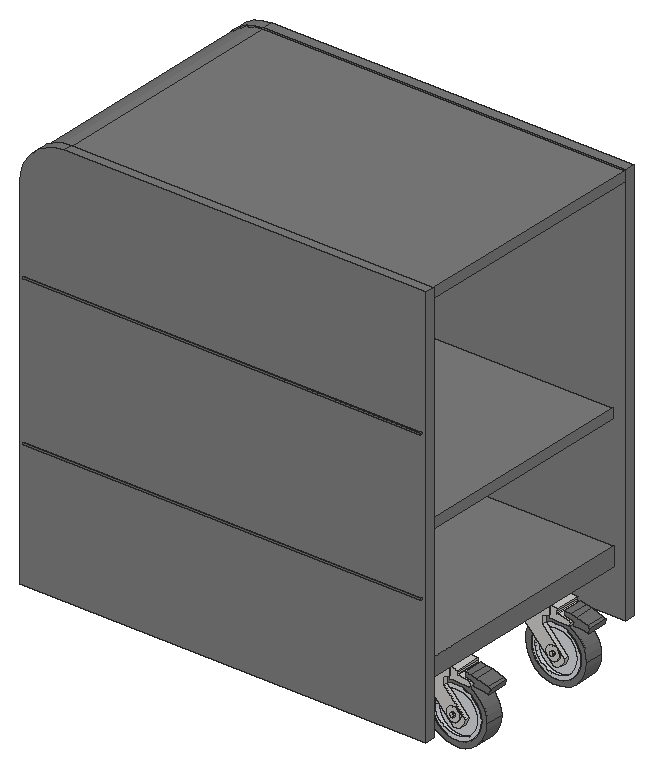
Revit family "QF_BOURGEAT_Meubles_serviteurs", category Equipement spécialisé, Revit 2015
Parameters (values of type "Neutre")
  assiettes neutre = no
  assiettes chauffant = no
  URL catalogue = "http://www.bourgeat.fr"
  Type de Raccord Electrique = ""
  Type article = ""
  Tension = 0 V
  Spécification du Fabricant = "Meuble serviteur"
  Remarques Electricité = ""
  Puissance électrique  = 0 W
  Profondeur hors tout = 830 mm
  Pour plateaux = yes
  Pour couverts = no
  Poids net à vide = 29.00 kg
  Phase = 0
  Neutre = yes
  Longueur hors tout = 540 mm
  Intensité nominale = 0 A
  Inox = Acier inoxydable, poli
  URL = ""
  Poids à vide = "29 kg"
  Modèle = "859505"
  Indice de protection = ""
  Hauteur hors tout = 900 mm
  Habillage arrière = no
  Fréquence = 0 Hz
  Finition noir = Peinture Grise
  Fabricant = "BOURGEAT"
  Description = ""
  Contact SAV = "0033(4).76.32.14.44"
  Type Comments = ""
  Charge max = 70.00 kg
  Capacité = "2 étagères"
Types (5, lengths in mm): name | assiettes neutre | assiettes chauffant | Tension | Puissance électrique  | Pour plateaux | Pour couverts | Poids net à vide | Phase | Neutre | Intensité nominale | Poids à vide | Modèle | Indice de protection | Habillage arrière | Fréquence | Capacité
  Pour assiettes Neutre | yes | no | 0 V | 0 W | yes | no | 42.00 kg | 0 | no | 0 A | "42 kg" | "859520" | "" | yes | 0 Hz | "60 assiettes"
  Pour assiettes Chauffant | yes | yes | 230 V | 900 W | yes | no | 44.00 kg | 2 | no | 4 A | "44 kg" | "859525" | "21" | yes | 50 Hz | "60 assiettes"
  Pour plateaux | no | no | 0 V | 0 W | yes | no | 23.00 kg | 0 | no | 0 A | "23 kg" | "859510" | "" | yes | 0 Hz | "160 plateaux"
  Pour couverts | no | no | 0 V | 0 W | no | yes | 32.00 kg | 0 | no | 0 A | "32 kg" | "859513" | "" | yes | 0 Hz | "160 plateaux"
  Neutre | no | no | 0 V | 0 W | yes | no | 29.00 kg | 0 | yes | 0 A | "29 kg" | "859505" | "" | no | 0 Hz | "2 étagères"
Reference planes
  plane 1 "Centre (avant/arrière)": y = 0
  plane 2: z = 0
  plane 3 "Centre (gauche/droite)": x = 0
  plane 4: x = -263
  plane 5: x = 425
  plane 6: x = -405
  plane 7: x = -177
  plane 8: x = -45
  plane 9: x = 125
Forms (mm)
  Extrusion 1, solid, material "Peinture Grise" <- "Finition noir"
    sketch origin (-134.51, 329.35, 899.5) x (0, -1, 0) y (1, 0, 0)
      loop
        line (84.6, -248.49) -> (574.1, -248.49) -> (574.1, 535.51) -> (84.6, 535.51) -> (84.6, -248.49)
    from -700.742 to -738.742
  Extrusion 2, solid, material "Peinture Grise" <- "Finition noir"
    sketch origin (-659.024, -418.06, 0) x (1, 0, 0) y (0, 0, 1)
      loop
        line (254.024, 805.258) -> (254.024, 70.258) -> (1084.024, 70.258) -> (1084.024, 895.258) -> (344.024, 895.258)
        arc (344.024, 895.258) -> (280.385, 868.898) -> (254.024, 805.258) r 90
    from -153.06 to -173.06
  Extrusion 3, solid, material "Peinture Grise" <- "Finition noir", visible <- "assiettes neutre"
    sketch origin (-659.024, -418.06, 0) x (1, 0, 0) y (0, 0, 1)
      loop
        line (256.024, 70.258) -> (276.024, 70.258) -> (276.024, 803.258)
        arc (276.024, 803.258) -> (296.527, 852.756) -> (346.024, 873.258) r 70
        line (346.024, 873.258) -> (1082.024, 873.258) -> (1082.024, 893.258) -> (344.024, 893.258)
        arc (344.024, 893.258) -> (281.799, 867.483) -> (256.024, 805.258) r 88
        line (256.024, 805.258) -> (256.024, 70.258)
    from -173.06 to -663.06
  Extrusion 4, solid, material "Peinture Grise" <- "Finition noir"
    sketch origin (-659.024, 418.06, 0) x (1, 0, 0) y (0, 0, -1)
      loop
        arc (254.024, -805.258) -> (280.385, -868.898) -> (344.024, -895.258) r 90
        line (344.024, -895.258) -> (1084.024, -895.258) -> (1084.024, -70.258) -> (254.024, -70.258) -> (254.024, -805.258)
    from -153.06 to -173.06
  Extrusion 5, solid, material "Peinture Grise" <- "Finition noir", visible <- "Habillage arrière"
    sketch origin (-659.024, -418.06, 0) x (1, 0, 0) y (0, 0, 1)
      loop
        line (1062.024, 873.258) -> (1062.024, 158.758) -> (1082.024, 158.758) -> (1082.024, 873.258) -> (1062.024, 873.258)
    from -173.06 to -663.06
  Extrusion 6, void
    sketch origin (-134.51, 329.35, 899.5) x (0, -1, 0) y (1, 0, 0)
      loop
        line (132.35, 300.17) -> (132.35, -32.49)
        arc (132.35, -32.49) -> (141.137, -53.703) -> (162.35, -62.49) r 30
        line (162.35, -62.49) -> (496.35, -62.49)
        arc (496.35, -62.49) -> (517.563, -53.703) -> (526.35, -32.49) r 30
        line (526.35, -32.49) -> (526.35, 300.17)
        arc (526.35, 300.17) -> (517.563, 321.383) -> (496.35, 330.17) r 30
        line (496.35, 330.17) -> (162.35, 330.17)
        arc (162.35, 330.17) -> (141.137, 321.383) -> (132.35, 300.17) r 30
    from -4.242 to -26.242
  Extrusion 7, solid, material "Caoutchouc, noir"
    sketch origin (-659.024, -265, 0) x (1, 0, 0) y (0, 0, 1)
      loop
        arc (264.024, 332.758) -> (262.374, 331.108) -> (264.024, 329.458) r 1.65
        line (264.024, 329.458) -> (1074.024, 329.458)
        arc (1074.024, 329.458) -> (1075.674, 331.108) -> (1074.024, 332.758) r 1.65
        line (1074.024, 332.758) -> (264.024, 332.758)
    from 0 to 2.5
  Extrusion 8, solid, material "Caoutchouc, noir"
    sketch origin (-659.024, -265, 303.3) x (1, 0, 0) y (0, 0, 1)
      loop
        arc (264.024, 332.758) -> (262.374, 331.108) -> (264.024, 329.458) r 1.65
        line (264.024, 329.458) -> (1074.024, 329.458)
        arc (1074.024, 329.458) -> (1075.674, 331.108) -> (1074.024, 332.758) r 1.65
        line (1074.024, 332.758) -> (264.024, 332.758)
    from 0 to 2.5
  Extrusion 9, solid, material "Caoutchouc, noir"
    sketch origin (-659.024, 265, 0) x (1, 0, 0) y (0, 0, -1)
      loop
        line (264.024, -332.758) -> (1074.024, -332.758)
        arc (1074.024, -332.758) -> (1075.674, -331.108) -> (1074.024, -329.458) r 1.65
        line (1074.024, -329.458) -> (264.024, -329.458)
        arc (264.024, -329.458) -> (262.374, -331.108) -> (264.024, -332.758) r 1.65
    from 0 to 2.5
  Extrusion 10, solid, material "Caoutchouc, noir"
    sketch origin (-659.024, 265, 303.3) x (1, 0, 0) y (0, 0, -1)
      loop
        line (264.024, -332.758) -> (1074.024, -332.758)
        arc (1074.024, -332.758) -> (1075.674, -331.108) -> (1074.024, -329.458) r 1.65
        line (1074.024, -329.458) -> (264.024, -329.458)
        arc (264.024, -329.458) -> (262.374, -331.108) -> (264.024, -332.758) r 1.65
    from 0 to 2.5
  Extrusion 11, solid, material "Acier inoxydable, poli" <- "Inox", visible <- "assiettes chauffant"
    sketch origin (425, -418.06, 893.258) x (-1, 0, 0) y (0, -1, 0)
      loop
        arc (619, -632.06) -> (633.142, -626.202) -> (639, -612.06) r 20
        line (639, -612.06) -> (639, -224.06)
        arc (639, -224.06) -> (633.142, -209.918) -> (619, -204.06) r 20
        line (619, -204.06) -> (231, -204.06)
        arc (231, -204.06) -> (216.858, -209.918) -> (211, -224.06) r 20
        line (211, -224.06) -> (211, -612.06)
        arc (211, -612.06) -> (216.858, -626.202) -> (231, -632.06) r 20
        line (231, -632.06) -> (619, -632.06)
    from 0 to 6
  Revolve 12, solid, material "Acier inoxydable, poli" <- "Inox", visible <- "assiettes chauffant"
    sketch origin (-659.024, 0, 0) x (1, 0, 0) y (0, 0, 1)
      loop
        line (482.024, 899.258) -> (659.024, 899.258) -> (659.024, 1093.758)
        arc (659.024, 1093.758) -> (649.638, 1087.209) -> (652.547, 1076.139) r 10
        arc (652.547, 1076.139) -> (531.597, 1022.104) -> (482.024, 899.258) r 177
      axis (659.024, 1093.758) -> (659.024, 899.258)
    angle from 0 to 360
  Extrusion 13, solid, material "Peinture Grise" <- "Finition noir", visible <- "Pour plateaux"
    sketch origin (-659.024, -418.06, 0) x (1, 0, 0) y (0, 0, 1)
      loop
        line (256.024, 450.258) -> (256.024, 430.258) -> (1057.024, 430.258) -> (1057.024, 450.258) -> (256.024, 450.258)
    from -173.06 to -663.06
  Extrusion 14, solid, material "Peinture Grise" <- "Finition noir", visible <- "Pour plateaux"
    sketch origin (-659.024, -418.06, 0) x (1, 0, 0) y (0, 0, 1)
      loop
        line (258.024, 430.258) -> (258.024, 72.258) -> (276.024, 72.258) -> (276.024, 430.258) -> (258.024, 430.258)
    from -173.06 to -663.06
  Extrusion 15, solid, material "Peinture Grise" <- "Finition noir", visible <- "Pour couverts"
    sketch origin (-659.024, -418.06, 0) x (1, 0, 0) y (0, 0, 1)
      loop
        line (256.024, 70.258) -> (276.024, 70.258) -> (276.024, 803.258)
        arc (276.024, 803.258) -> (296.527, 852.756) -> (346.024, 873.258) r 70
        line (346.024, 873.258) -> (1082.024, 873.258) -> (1082.024, 893.258) -> (344.024, 893.258)
        arc (344.024, 893.258) -> (281.799, 867.483) -> (256.024, 805.258) r 88
        line (256.024, 805.258) -> (256.024, 70.258)
    from -173.06 to -663.06
  Extrusion 16, void
    sketch origin (-134.51, 329.35, 899.5) x (0, -1, 0) y (1, 0, 0)
      loop
        line (176.85, 399.51) -> (176.85, -50.49)
        arc (176.85, -50.49) -> (185.637, -71.703) -> (206.85, -80.49) r 30
        line (206.85, -80.49) -> (451.85, -80.49)
        arc (451.85, -80.49) -> (473.063, -71.703) -> (481.85, -50.49) r 30
        line (481.85, -50.49) -> (481.85, 399.51)
        arc (481.85, 399.51) -> (473.063, 420.724) -> (451.85, 429.51) r 30
        line (451.85, 429.51) -> (206.85, 429.51)
        arc (206.85, 429.51) -> (185.637, 420.724) -> (176.85, 399.51) r 30
    from -6.242 to -26.242
  Extrusion 17, solid, material "Acier inoxydable, poli" <- "Inox", visible <- "Pour couverts"
    sketch origin (425, -418.06, 893.258) x (-1, 0, 0) y (0, -1, 0)
      loop
        arc (610, -570.56) -> (631.213, -561.774) -> (640, -540.56) r 30
        line (640, -540.56) -> (640, -295.56)
        arc (640, -295.56) -> (631.213, -274.347) -> (610, -265.56) r 30
        line (610, -265.56) -> (160, -265.56)
        arc (160, -265.56) -> (138.787, -274.347) -> (130, -295.56) r 30
        line (130, -295.56) -> (130, -540.56)
        arc (130, -540.56) -> (138.787, -561.774) -> (160, -570.56) r 30
        line (160, -570.56) -> (610, -570.56)
    from 0 to -200
  Extrusion 18, void
    sketch origin (425, -418.06, 893.258) x (-1, 0, 0) y (0, -1, 0)
      loop
        line (160, -560.56) -> (270, -560.56)
        arc (270, -560.56) -> (284.142, -554.702) -> (290, -540.56) r 20
        line (290, -540.56) -> (290, -295.56)
        arc (290, -295.56) -> (284.142, -281.418) -> (270, -275.56) r 20
        line (270, -275.56) -> (160, -275.56)
        arc (160, -275.56) -> (145.858, -281.418) -> (140, -295.56) r 20
        line (140, -295.56) -> (140, -540.56)
        arc (140, -540.56) -> (145.858, -554.702) -> (160, -560.56) r 20
      loop
        arc (610, -560.56) -> (624.142, -554.702) -> (630, -540.56) r 20
        line (630, -540.56) -> (630, -295.56)
        arc (630, -295.56) -> (624.142, -281.418) -> (610, -275.56) r 20
        line (610, -275.56) -> (500, -275.56)
        arc (500, -275.56) -> (485.858, -281.418) -> (480, -295.56) r 20
        line (480, -295.56) -> (480, -540.56)
        arc (480, -540.56) -> (485.858, -554.702) -> (500, -560.56) r 20
        line (500, -560.56) -> (610, -560.56)
      loop
        line (460, -540.56) -> (460, -295.56)
        arc (460, -295.56) -> (454.142, -281.418) -> (440, -275.56) r 20
        line (440, -275.56) -> (330, -275.56)
        arc (330, -275.56) -> (315.858, -281.418) -> (310, -295.56) r 20
        line (310, -295.56) -> (310, -540.56)
        arc (310, -540.56) -> (315.858, -554.702) -> (330, -560.56) r 20
        line (330, -560.56) -> (440, -560.56)
        arc (440, -560.56) -> (454.142, -554.702) -> (460, -540.56) r 20
    from 0 to -150
  Extrusion 19, solid, material "Peinture Grise" <- "Finition noir", visible <- "Neutre"
    sketch origin (-659.024, -418.06, 0) x (1, 0, 0) y (0, 0, 1)
      loop
        line (256.024, 70.258) -> (276.024, 70.258) -> (276.024, 803.258)
        arc (276.024, 803.258) -> (296.527, 852.756) -> (346.024, 873.258) r 70
        line (346.024, 873.258) -> (1082.024, 873.258) -> (1082.024, 893.258) -> (344.024, 893.258)
        arc (344.024, 893.258) -> (281.799, 867.483) -> (256.024, 805.258) r 88
        line (256.024, 805.258) -> (256.024, 70.258)
    from -173.06 to -663.06
Cuts and joins
  Extrusion 6 cuts Extrusion 3
  Extrusion 16 cuts Extrusion 15
  Extrusion 18 cuts Extrusion 17
Dimensions and locks
  equal spacing: Extrusion 17, plane 8, plane 9, Extrusion 17
  aligned and locked: level to plane 2
Automatic sketch dimensions
  Extrusion 1 sketch curve to plane 5 = 24 mm
  Extrusion 1 sketch curve to plane 1 "Centre (avant/arrière)" = 244.75 mm
  plane 6 to Extrusion 1 sketch curve = 22 mm
  plane 1 "Centre (avant/arrière)" to Extrusion 1 sketch curve = 244.75 mm
  Extrusion 2 sketch curve to plane 6 = 0 mm
  Extrusion 2 sketch curve to plane 5 = 0 mm
  plane 4 to Extrusion 2 sketch curve = 52 mm
  level to Extrusion 2 sketch curve = 70.258 mm
  Extrusion 2 sketch curve to Extrusion 2 sketch curve = 735 mm
  plane 6 to Extrusion 3 sketch curve = 2 mm
  Extrusion 3 sketch curve to Extrusion 3 sketch curve = 20 mm
  plane 4 to Extrusion 3 sketch curve = 52 mm
  Extrusion 3 sketch curve to Extrusion 3 sketch curve = 2 mm  (x2)
  Extrusion 3 sketch curve to plane 5 = 2 mm
  level to Extrusion 3 sketch curve = 70.258 mm
  Extrusion 3 sketch curve to Extrusion 3 sketch curve = 733 mm
  Extrusion 4 sketch curve to plane 6 = 0 mm
  Extrusion 4 sketch curve to plane 5 = 0 mm
  plane 4 to Extrusion 4 sketch curve = 52 mm
  level to Extrusion 4 sketch curve = 895.258 mm
  level to Extrusion 4 sketch curve = 70.258 mm
  Extrusion 5 sketch curve to plane 5 = 22 mm
  Extrusion 5 sketch curve to plane 5 = 2 mm
  level to Extrusion 5 sketch curve = 158.758 mm
  Extrusion 5 sketch curve to Extrusion 5 sketch curve = 714.5 mm
  Extrusion 6 sketch curve to plane 1 "Centre (avant/arrière)" = 197 mm
  Extrusion 6 sketch curve to plane 7 = 20 mm
  Extrusion 6 sketch curve to Extrusion 6 sketch curve = 30 mm  (x3)
  plane 1 "Centre (avant/arrière)" to Extrusion 6 sketch curve = 167 mm  (x2)
  plane 9 to Extrusion 6 sketch curve = 40.66 mm
  Extrusion 7 sketch curve to Extrusion 2 = 10 mm  (x2)
  Extrusion 7 sketch curve to Extrusion 2 = 259.2 mm
  Extrusion 7 sketch curve to Extrusion 7 sketch curve = 1.65 mm
  Extrusion 8 sketch curve to Extrusion 2 = 10 mm  (x2)
  Extrusion 8 sketch curve to Extrusion 2 = 262.5 mm
  Extrusion 8 sketch curve to Extrusion 8 sketch curve = 1.65 mm
  plane 6 to Extrusion 9 sketch curve = 10 mm
  Extrusion 9 sketch curve to plane 5 = 10 mm
  level to Extrusion 9 sketch curve = 332.758 mm
  Extrusion 9 sketch curve to Extrusion 9 sketch curve = 1.65 mm
  plane 6 to Extrusion 10 sketch curve = 10 mm
  Extrusion 10 sketch curve to plane 5 = 10 mm
  level to Extrusion 10 sketch curve = 636.058 mm
  Extrusion 10 sketch curve to Extrusion 10 sketch curve = 1.65 mm
  Extrusion 3 to Extrusion 11 sketch curve = 51 mm
  Extrusion 3 to Extrusion 11 sketch curve = 209 mm
  Extrusion 11 sketch curve to Extrusion 11 sketch curve = 20 mm  (x3)
  Extrusion 11 sketch curve to Extrusion 3 = 121 mm  (x2)
  Extrusion 3 to Extrusion 11 sketch curve = 31 mm
  Revolve 12 sketch curve to plane 7 = 0 mm
  Revolve 12 sketch curve to plane 3 "Centre (gauche/droite)" = 0 mm  (x3)
  level to Revolve 12 sketch curve = 899.258 mm
  Revolve 12 sketch curve to Revolve 12 sketch curve = 184.5 mm
  Revolve 12 sketch curve to Revolve 12 sketch curve = 10 mm
  Revolve 12 sketch curve to Revolve 12 sketch curve = 164 mm
  Revolve 12 sketch curve to Revolve 12 sketch curve = 101.5 mm
  plane 6 to Extrusion 13 sketch curve = 2 mm
  Extrusion 13 sketch curve to plane 5 = 27 mm
  level to Extrusion 13 sketch curve = 430.258 mm
  Extrusion 13 sketch curve to Extrusion 13 sketch curve = 20 mm
  plane 6 to Extrusion 14 sketch curve = 4 mm
  Extrusion 14 sketch curve to Extrusion 14 sketch curve = 18 mm
  level to Extrusion 14 sketch curve = 72.258 mm
  Extrusion 14 sketch curve to Extrusion 14 sketch curve = 358 mm
  plane 6 to Extrusion 15 sketch curve = 2 mm
  Extrusion 15 sketch curve to Extrusion 15 sketch curve = 20 mm
  plane 4 to Extrusion 15 sketch curve = 52 mm
  Extrusion 15 sketch curve to Extrusion 15 sketch curve = 2 mm  (x2)
  Extrusion 15 sketch curve to plane 5 = 2 mm
  level to Extrusion 15 sketch curve = 70.258 mm
  Extrusion 15 sketch curve to Extrusion 15 sketch curve = 733 mm
  Extrusion 16 sketch curve to plane 1 "Centre (avant/arrière)" = 152.5 mm
  Extrusion 16 sketch curve to Extrusion 16 sketch curve = 30 mm  (x3)
  Extrusion 16 sketch curve to plane 7 = 38 mm
  plane 1 "Centre (avant/arrière)" to Extrusion 16 sketch curve = 122.5 mm  (x2)
  Extrusion 16 sketch curve to plane 5 = 160 mm
  Extrusion 15 to Extrusion 17 sketch curve = 128 mm
  Extrusion 17 sketch curve to Extrusion 17 sketch curve = 30 mm  (x3)
  Extrusion 17 sketch curve to Extrusion 15 = 130 mm  (x2)
  Extrusion 15 to Extrusion 17 sketch curve = 92.5 mm
  Extrusion 15 to Extrusion 17 sketch curve = 122.5 mm
  Extrusion 18 sketch curve to Extrusion 18 sketch curve = 20 mm  (x10)
  Extrusion 18 sketch curve to Extrusion 17 = 30 mm  (x2)
  Extrusion 18 sketch curve to Extrusion 18 sketch curve = 110 mm  (x3)
  Extrusion 18 sketch curve to Extrusion 17 = 10 mm  (x3)
  plane 6 to Extrusion 19 sketch curve = 2 mm
  Extrusion 19 sketch curve to Extrusion 19 sketch curve = 20 mm
  plane 4 to Extrusion 19 sketch curve = 52 mm
  Extrusion 19 sketch curve to Extrusion 19 sketch curve = 2 mm  (x2)
  Extrusion 19 sketch curve to plane 5 = 2 mm
  level to Extrusion 19 sketch curve = 70.258 mm
  Extrusion 19 sketch curve to Extrusion 19 sketch curve = 733 mm
  radius of Extrusion 18 sketch curve to Extrusion 17 = 10 mm  (x2)
Nested families
  nested 1: "Roulettes Meubles serviteurs" at (353.5, -127.25, 0), type "Modèle simple accès 3 GN"
    with Frein yes
  nested 2: "Roulettes Meubles serviteurs" at (353.5, 127.25, 0), type "Modèle simple accès 3 GN"
    with Frein yes
  nested 3: "Roulettes Meubles serviteurs" at (-263, -127.25, 0) x (-1, 0, 0) z (0, 0, 1), type "Modèle simple accès 3 GN"
    with Frein no
  nested 4: "Roulettes Meubles serviteurs" at (-263, 127.25, 0) x (-1, 0, 0) z (0, 0, 1), type "Modèle simple accès 3 GN"
    with Frein no
Definition of nested family "Roulettes Meubles serviteurs"
  Parameters (values of type "Modèle simple accès 3 GN")
    Tension = "230 monophasé 50 Hz"
    Puissance électrique = "300 W"
    Puissance frigorifique = "272 W"
    Plastique bleu = none
    Longueur pare-haleine = Longueur hors tout - 235 mm  # 1080 mm
    Longueur de la tablette = Longueur hors tout - 260 mm  # 1055 mm
    Inox = none
    URL = "http://www.matferbourgeat.com"
    Poids à vide = "200 kg"
    Model = "856013"
    Longueur hors tout = 1315 mm
    Profondeur hors tout = 840 mm
    Hauteur plan de travail = 839 mm
    Frein [instance] = yes
    Manufacturer = "BOURGEAT"
    Description = "Self mobile - Meubles réfrigérés"
    Type Comments = "Meuble buffet cuve Froid statique -baie libre"
    Charge maximale = "100 kg"
  Reference planes
    plane 1 "Centre (avant/arrière)": y = 0
    plane 2: z = 0
    plane 3 "Centre (gauche/droite)": x = 0
    plane 4: x = 38
    plane 5: z = 62.502
  Forms (mm)
    Extrusion 1, solid, material <- "Inox"
      sketch origin (42.986, -418.06, 0) x (-1, 0, 0) y (0, 0, -1)
        loop
          line (25.524, -109.102) -> (25.524, -122.385) -> (13.024, -129.602) -> (13.024, -148.252) -> (72.024, -148.252) -> (72.024, -131.502) -> (68.382, -131.478) -> (68.382, -108.507) -> (4.235, -38.504)
          arc (4.235, -38.504) -> (-11.69, -44.807) -> (-19.358, -60.123) r 24
          line (-19.358, -60.123) -> (25.524, -109.102)
      from -443.709 to -436.06
    Extrusion 2, solid, material <- "Inox"
      sketch origin (42.986, 418.06, 0) x (-1, 0, 0) y (0, 0, 1)
        loop
          line (25.524, 109.102) -> (-19.358, 60.123)
          arc (-19.358, 60.123) -> (-11.69, 44.807) -> (4.235, 38.504) r 24
          line (4.235, 38.504) -> (68.382, 108.507) -> (68.382, 131.478) -> (72.024, 131.502) -> (72.024, 148.252) -> (13.024, 148.252) -> (13.024, 129.602) -> (25.524, 122.385) -> (25.524, 109.102)
      from -443.709 to -436.06
    Revolve 3, solid, material <- "Inox"
      sketch origin (-659.024, 0, 0) x (1, 0, 0) y (0, 0, 1)
        loop
          line (628.251, 158.258) -> (628.251, 154.252) -> (629.524, 154.252) -> (629.524, 150.302) -> (631.524, 150.302) -> (631.524, 148.252) -> (659.024, 148.252) -> (659.024, 158.258) -> (628.251, 158.258)
        axis (659.024, 158.258) -> (659.024, 148.252)
      angle from 0 to 360
    Extrusion 4, solid
      sketch origin (-659.024, -418.06, 0) x (1, 0, 0) y (0, 0, 1)
        loop
          circle (697.024, 62.502) r 62.502
        loop
          circle (697.024, 62.502) r 50.5
      from -400.06 to -436.06
    Extrusion 5, solid, material <- "Plastique bleu"
      sketch origin (-659.024, -418.06, 0) x (1, 0, 0) y (0, 0, 1)
        loop
          circle (697.024, 62.502) r 50.5
        loop
          circle (697.024, 62.502) r 43.5
      from -400.06 to -436.06
    Extrusion 6, solid, material <- "Plastique bleu"
      sketch origin (0, 0, 0) x (1, 0, 0) y (0, 0, 1)
        loop
          circle (38, 62.502) r 43.5
      from -10 to 10
    Extrusion 7, solid, material <- "Inox"
      sketch origin (0, 0, 0) x (1, 0, 0) y (0, 0, 1)
        loop
          circle (38, 62.502) r 4
      from -30 to 30
    Extrusion 8, solid, material <- "Inox"
      sketch origin (42.986, -25.649, 0) x (1, 0, 0) y (0, 0, 1)
        loop
          circle (-4.986, 62.502) r 14.1
      from 0 to 1
    Extrusion 9, solid, material <- "Inox"
      sketch origin (42.986, 25.649, 0) x (1, 0, 0) y (0, 0, -1)
        loop
          circle (-4.986, -62.502) r 14.1
      from 0 to 1
    Extrusion 10, solid, material <- "Inox", visible <- "Frein"
      sketch origin (-659.024, -418.06, 0) x (1, 0, 0) y (0, 0, 1)
        loop
          line (688.986, 147.045) -> (688.986, 124.485)
          arc (688.986, 124.485) -> (696.883, 125.004) -> (704.782, 124.521) r 62.502
          line (704.782, 124.521) -> (727.698, 123.758)
          arc (727.698, 123.758) -> (732.192, 127.247) -> (729.192, 132.081) r 4.252
          arc (729.192, 132.081) -> (717.513, 134.939) -> (705.669, 137.055) r 190.527
          arc (705.669, 137.055) -> (705.057, 137.391) -> (704.814, 138.045) r 1
          line (704.814, 138.045) -> (704.814, 141.995) -> (706.107, 145.547) -> (688.986, 147.045)
      from -392.412 to -443.709
    Extrusion 11, solid, visible <- "Frein"
      sketch origin (0, 0, 0) x (1, 0, 0) y (0, 0, 1)
        loop
          line (57.545, 144.478) -> (57.545, 135.793) -> (58.886, 134.854)
          arc (58.886, 134.854) -> (64.548, 133.554) -> (70.168, 132.081) r 190.527
          arc (70.168, 132.081) -> (73.022, 129.328) -> (72.363, 125.418) r 4.252
          line (72.363, 125.418) -> (75.722, 123.066)
          arc (75.722, 123.066) -> (84.611, 122.306) -> (93.475, 121.299) r 320
          arc (93.475, 121.299) -> (99.734, 120.436) -> (105.974, 119.45) r 320
          line (105.974, 119.45) -> (108.676, 129.537)
          arc (108.676, 129.537) -> (105.975, 130.76) -> (103.255, 131.945) r 206.591
          line (103.255, 131.945) -> (81.136, 139.654) -> (69.538, 142.439) -> (57.545, 144.478)
      from -20 to 20
    Extrusion 12, solid, material <- "Inox"
      sketch origin (0, 0, 0) x (1, 0, 0) y (0, 1, 0)
        loop
          line (26, 47.25) -> (-26, 47.25)
          arc (-26, 47.25) -> (-32.364, 44.614) -> (-35, 38.25) r 9
          line (-35, 38.25) -> (-35, -38.75)
          arc (-35, -38.75) -> (-32.364, -45.114) -> (-26, -47.75) r 9
          line (-26, -47.75) -> (26, -47.75)
          arc (26, -47.75) -> (32.364, -45.114) -> (35, -38.75) r 9
          line (35, -38.75) -> (35, 38.25)
          arc (35, 38.25) -> (32.364, 44.614) -> (26, 47.25) r 9
      from 160.758 to 158.258
  Cuts and joins
    joined: Extrusion 1, Extrusion 2, Extrusion 7, Extrusion 8, Extrusion 9
  Dimensions and locks
    aligned and locked: level to plane 2
